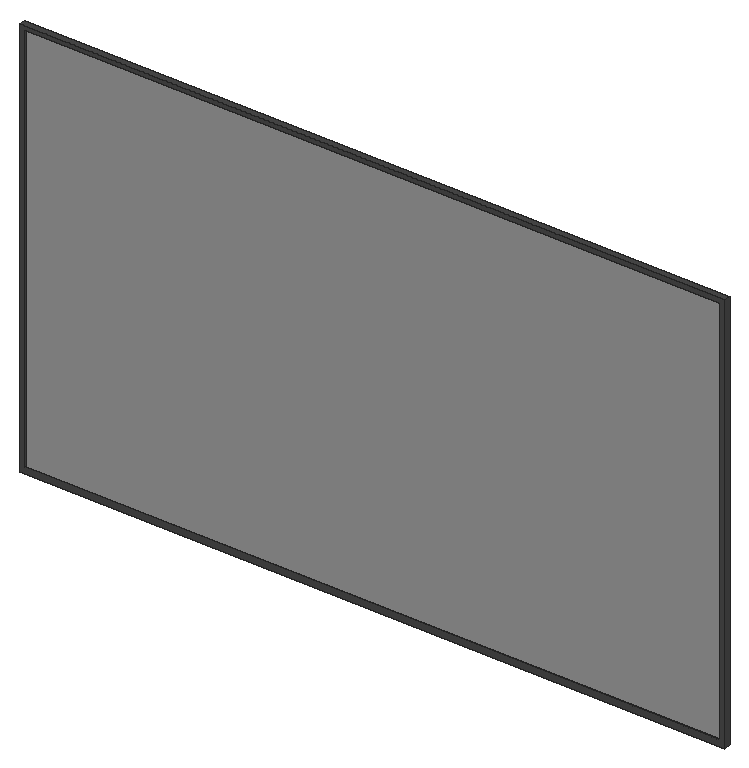
Revit family "Electronics_Visual-TVs_ViewSonic_ViewSonicR-CDE6520-7520-8620-commercial-display", category Electrical Equipment, Revit 2017
Family settings
  Panel Configuration = Two Columns, Circuits Across
  Round Connector Dimension = Use Diameter
  Part Type = Panelboard
  OmniClass Number = 23.85.10.14.24.17
  OmniClass Title = Plasma Video Monitors
  Work Plane-Based = No
  Always vertical = Yes
  Cut with Voids When Loaded = No
  Shared = No
  Room Calculation Point = No
Parameters (values of type "CDE 6520")
  Viewing Angles = "H = 178, V = 178 typ."
  Viewable Area (In.) = "65\""
  URL = "https://www.viewsonic.com"
  Type/ Tech = "TFT LCD Module. IPS type, DLED backlight"
  Surface Treatment = "Anti-glare, 3H hardness, Haze 25%"
  Screen Material = Screen - ViewSonic - CDE6520
  Response Time = "8 ms"
  Resolution = "3840x2160; 16:9"
  Product data url = "https://www.bimobject.com/viewsonic/product/viewsonic_cde6520"
  Product Guid = "cf630bab-5e48-463c-9237-2bb45ea75d06"
  Panel Size = "65\""
  Orientation = "Landscape"
  Native Resolution = "3840 x 2160"
  Model = "viewsonic_cde6520"
  Manufacturer = "ViewSonic"
  Light Source = "DLED"
  Keynote = "11130"
  Hardness = "3H"
  Edition number = 1
  Display Size = "65\""
  Display Area (mm) = "1428.48(H) × 803.52(V) (65\" diagonal)"
  Description = "The ViewSonic® CDE6520 is a 65” premium 4K commercial display. With features including a razor-sharp resolution of 3840 x 2160, 450-nit high brightness, 178-degree ultra- wide viewing angles, 2 x 12W speakers, and wireless screen sharing, the display is designed with the meeting room scenario in mind. The built-in screen sharing software*, ViewBoard® Cast and Stream, as well as ViewBoard® Cast USB-C sender enable multiple users, whether on-site or on-line, to participate in conferences and share content with each other simultaneously, transforming the CDE6520 into a dynamic content hub. This reliable commercial display is equipped with a quad-core processor and 16GB internal memory, allowing constant multimedia play from internal storage or a USB flash drive. Supporting remote configuration and content management system, the ViewSonic® CDE6520 is also suitable for diverse signage applications. *Chrome, Android, Windows, Mac OS, and iOS complaint"
  Covering Color = Plastic - ViewSonic - Black
  Cover Material = Plastic - ViewSonic - Black
  Contrast Ratio = "1200:1 Typ."
  Colors = "1.07G colors"
  CDE8620 = no
  CDE7520 = no
  CDE6520 = yes
  Brightness = "450 nits (typ.)"
  Bezel = "Slim"
  Backlight Life = "30,000 Hours (min)"
  Backlight = "WLED"
  Assembly Code = "D5030500"
  Aspect Ratio = "16:9"
Types (4, lengths in mm): name | Viewable Area (In.) | Screen Material | Resolution | Product data url | Product Guid | Panel Size | Model | Display Size | Display Area (mm) | Description | CDE8620 | CDE7520 | CDE6520
  (no name) | "65\"" | Screen - ViewSonic - CDE6520 | "3840x2160; 16:9" | "https://www.bimobject.com/viewsonic/product/viewsonic_cde6520" | "cf630bab-5e48-463c-9237-2bb45ea75d06" | "65\"" | "viewsonic_cde6520" | "65\"" | "1428.48(H) × 803.52(V) (65\" diagonal)" | "The ViewSonic® CDE6520 is a 65” premium 4K commercial display. With features including a razor-sharp resolution of 3840 x 2160, 450-nit high brightness, 178-degree ultra- wide viewing angles, 2 x 12W speakers, and wireless screen sharing, the display is designed with the meeting room scenario in mind. The built-in screen sharing software*, ViewBoard® Cast and Stream, as well as ViewBoard® Cast USB-C sender enable multiple users, whether on-site or on-line, to participate in conferences and share content with each other simultaneously, transforming the CDE6520 into a dynamic content hub. This reliable commercial display is equipped with a quad-core processor and 16GB internal memory, allowing constant multimedia play from internal storage or a USB flash drive. Supporting remote configuration and content management system, the ViewSonic® CDE6520 is also suitable for diverse signage applications. *Chrome, Android, Windows, Mac OS, and iOS complaint" | no | no | yes
  CDE 6520 | "65\"" | Screen - ViewSonic - CDE6520 | "3840x2160; 16:9" | "https://www.bimobject.com/viewsonic/product/viewsonic_cde6520" | "cf630bab-5e48-463c-9237-2bb45ea75d06" | "65\"" | "viewsonic_cde6520" | "65\"" | "1428.48(H) × 803.52(V) (65\" diagonal)" | "The ViewSonic® CDE6520 is a 65” premium 4K commercial display. With features including a razor-sharp resolution of 3840 x 2160, 450-nit high brightness, 178-degree ultra- wide viewing angles, 2 x 12W speakers, and wireless screen sharing, the display is designed with the meeting room scenario in mind. The built-in screen sharing software*, ViewBoard® Cast and Stream, as well as ViewBoard® Cast USB-C sender enable multiple users, whether on-site or on-line, to participate in conferences and share content with each other simultaneously, transforming the CDE6520 into a dynamic content hub. This reliable commercial display is equipped with a quad-core processor and 16GB internal memory, allowing constant multimedia play from internal storage or a USB flash drive. Supporting remote configuration and content management system, the ViewSonic® CDE6520 is also suitable for diverse signage applications. *Chrome, Android, Windows, Mac OS, and iOS complaint" | no | no | yes
  CDE 7520 | "75\"" | Screen - ViewSonic - CDE7520 | "3840 x 2160; 16:9" | "https://www.bimobject.com/viewsonic/product/viewsonic_cde7520" | "9c57ebf9-71ef-4f29-a4d3-039314f2a187" | "75\"" | "viewsonic_cde7520" | "75\"" | "1649.664(H) × 927.936(V) (75\" diagonal)" | "The ViewSonic® CDE7520 is a 75” premium 4K commercial display. With features including a razor-sharp resolution of 3840 x 2160, 450-nit high brightness, 178-degree ultra- wide viewing angles, 2 x 12W speakers, and wireless screen sharing, the display is designed with the meeting room scenario in mind. The built-in screen sharing software*, ViewBoard® Cast and Stream, as well as ViewBoard® Cast USB-C sender enable multiple users, whether on-site or on-line, to participate in conferences and share content with each other simultaneously, transforming the CDE7520 into a dynamic content hub. This reliable commercial display is equipped with a quad-core processor and 16GB internal memory, allowing constant multimedia play from internal storage or a USB flash drive. Supporting remote configuration and content management system, the ViewSonic® CDE7520 is also suitable for diverse signage applications. *Chrome, Android, Windows, Mac OS, and iOS complaint" | no | yes | no
  CDE 8620 | "86\"" | Screen - ViewSonic - CDE8620 | "3840 x 2160; 16:9" | "https://www.bimobject.com/viewsonic/product/viewsonic_cde8620" | "c44e1a28-d053-46cf-849a-4aad2d66661b" | "86\"" | "viewsonic_cde8620" | "86\"" | "1895.040 (H) × 1065.960 (V) (86\" diagonal)" | "The ViewSonic® CDE8620 is a 86” premium 4K commercial display. With features including a razor-sharp resolution of 3840 x 2160, 450-nit high brightness, 178-degree ultra- wide viewing angles, 2 x 12W speakers, and wireless screen sharing, the display is designed with the meeting room scenario in mind. The built-in screen sharing software*, ViewBoard® Cast and Stream, as well as ViewBoard® Cast USB-C sender enable multiple users, whether on-site or on-line, to participate in conferences and share content with each other simultaneously, transforming the CDE8620 into a dynamic content hub. This reliable commercial display is equipped with a quad-core processor and 16GB internal memory, allowing constant multimedia play from internal storage or a USB flash drive. Supporting remote configuration and content management system, the ViewSonic® CDE8620 is also suitable for diverse signage applications. *Chrome, Android, Windows, Mac OS, and iOS complaint" | yes | no | no
Reference planes
  plane 1: y = 0
  plane 2: z = 0
  plane 3 "Center (Left/Right)": x = 0
  plane 4: z = 0.901
  plane 5 "Center (Front/Back)": y = 71.704
Forms (mm)
  Extrusion 1, solid, material "Plastic - ViewSonic - Black" <- "Cover Material", visible <- "CDE6520"
    sketch origin (-304.224, 0, 0.198) x (1, 0, 0) y (0, 0, 1)
      loop
        line (1020.224, 819.102) -> (-411.776, 819.102) -> (-411.776, 12.602) -> (1020.224, 12.602) -> (1020.224, 819.102)
      loop
        line (1029.524, 827.902) -> (-421.076, 827.902) -> (-421.076, -0.198) -> (1029.524, -0.198) -> (1029.524, 827.902)
    from -13.3 to 0
  Extrusion 2, solid, material "Screen - ViewSonic - CDE6520" <- "Screen Material", visible <- "CDE6520"
    sketch origin (75.776, 0, 0.198) x (1, 0, 0) y (0, 0, 1)
      loop
        line (640.224, 819.102) -> (-791.776, 819.102) -> (-791.776, 12.602) -> (640.224, 12.602) -> (640.224, 819.102)
    from -2.673 to -4
  Blend 3, solid, material "Plastic - ViewSonic - Black" <- "Cover Material", visible <- "CDE6520", detail levels medium+fine
    base sketch origin (-64.224, 0, 0.198) x (1, 0, 0) y (0, 0, 1)
      loop
        line (-651.776, 819.102) -> (-651.776, 0.702) -> (780.224, 0.702) -> (780.224, 819.102) -> (-651.776, 819.102)
    top sketch origin (-64.224, 0, 0.198) x (1, 0, 0) y (0, 0, 1)
      loop
        line (-577.976, 712.802) -> (-577.976, 0.702) -> (706.424, 0.702) -> (706.424, 712.802)
        arc (706.424, 712.802) -> (697.052, 735.429) -> (674.424, 744.802) r 32
        line (674.424, 744.802) -> (-545.976, 744.802)
        arc (-545.976, 744.802) -> (-568.603, 735.429) -> (-577.976, 712.802) r 32
    from -16.531 to -36.3
  Extrusion 4, solid, material "Plastic - ViewSonic - Black" <- "Cover Material", visible <- "CDE6520", detail levels medium
    sketch origin (0, 0, 0) x (0, 1, 0) y (0, 0, 1)
      loop
        line (71.704, 295.315) -> (36.3, 304.801) -> (36.3, 0.901) -> (71.704, 0.901) -> (71.704, 295.315)
    from -633.816 to 637.584
  Extrusion 5, solid, material "Plastic - ViewSonic - Black" <- "Cover Material", visible <- "CDE6520", detail levels medium+fine
    sketch origin (0, 0, 0) x (1, 0, 0) y (0, 0, 1)
      loop
        line (-716, 819.3) -> (-716, 0.9) -> (716, 0.9) -> (716, 819.3) -> (-716, 819.3)
    from -13.3 to -16.531
  Extrusion 6, solid, material "Plastic - ViewSonic - Black" <- "Cover Material", visible <- "CDE6520", detail levels fine
    sketch origin (0, 0, 0) x (0, 1, 0) y (0, 0, 1)
      loop
        line (71.704, 295.315) -> (36.3, 304.801) -> (36.3, 0.901) -> (71.704, 0.901) -> (71.704, 295.315)
    from -633.816 to 637.584
  Extrusion 7, void
    sketch origin (0, 0, 0) x (1, 0, 0) y (0, 0, 1)
      loop
        line (-103.569, 71.421) -> (-420.969, 71.421) -> (-420.969, 0.901) -> (-103.569, 0.901) -> (-103.569, 71.421)
    from -123.316 to -47.4
  Extrusion 8, void
    sketch origin (0, 0, 0) x (1, 0, 0) y (0, 0, 1)
      loop
        line (105.089, 68.833) -> (105.089, 0.901) -> (220.089, 0.901) -> (220.089, 68.833) -> (105.089, 68.833)
    from -123.316 to -37.1
  Extrusion 9, solid, material "Plastic - ViewSonic - Black" <- "Cover Material", visible <- "CDE6520", detail levels fine
    sketch origin (0, 0, 0) x (1, 0, 0) y (0, 0, 1)
      loop
        line (-504.91, 256.401) -> (-631.91, 256.401) -> (-631.91, 55.401) -> (-504.91, 55.401) -> (-504.91, 256.401)
    from -71.704 to -78.504
  Extrusion 10, solid, material "Plastic - ViewSonic - Black" <- "Cover Material", visible <- "CDE6520", detail levels coarse
    sketch origin (16, 0, 0) x (1, 0, 0) y (0, 0, 1)
      loop
        line (-732, 819.3) -> (-732, 0.9) -> (700, 0.9) -> (700, 819.3) -> (-732, 819.3)
    from -13.3 to -71.704
  Extrusion 11, solid, not visible
    sketch origin (25, 0, 0) x (1, 0, 0) y (0, 0, 1)
      loop
        circle (-308.374, 97.699) r 10
    from -74 to -71.704
  Extrusion 12, solid, not visible
    sketch origin (65, 0, 0) x (1, 0, 0) y (0, 0, 1)
      loop
        circle (-308.374, 97.699) r 10
    from -74 to -71.704
Cuts and joins
  Extrusion 7, Extrusion 8 cuts Extrusion 6
Lines and regions (mm)
  Masking region 1, visible <- "CDE6520", detail levels coarse
    outline origin (0, 0, 0) x (1, 0, 0) y (0, 1, 0)
      loop
        line (-716, 13.3) -> (-725.3, 13.3) -> (-725.3, 0) -> (725.3, 0) -> (725.3, 13.3) -> (716, 13.3) -> (716, 71.704) -> (-716, 71.704) -> (-716, 13.3)
  Masking region 2, visible <- "CDE6520", detail levels medium+fine
    outline origin (0, 0, 0) x (1, 0, 0) y (0, 1, 0)
      loop
        line (-631.91, 36.3) -> (-642.2, 36.3) -> (-716, 16.531) -> (-716, 13.3) -> (-725.3, 13.3) -> (-725.3, 0) -> (725.3, 0) -> (725.3, 13.3) -> (716, 13.3) -> (716, 16.531) -> (642.2, 36.3) -> (637.584, 36.3) -> (637.584, 71.704) -> (-504.91, 71.704) -> (-504.91, 78.504) -> (-631.91, 78.504) -> (-631.91, 36.3)
  symbolic lines, visible <- "CDE6520", detail levels medium+fine
    curve 1: line (-631.91, 36.3, 0) -> (637.584, 36.3, 0)
    curve 2: line (716, 13.3, 0) -> (-716, 13.3, 0)
    curve 3: line (-504.91, 71.704, 0) -> (-631.91, 71.704, 0)
Dimensions and locks
  aligned and locked: level to plane 2
Nested families
  nested 1: "Electronics_Visual-TVs_ViewSonic_ViewSonicR-CDE7520-commercial-display" at (0, 0, 0), visible <- "CDE7520", type "CDE7520"
  nested 2: "Electronics_Visual-TVs_ViewSonic_ViewSonicR-CDE8620-commercial-display" at (0, 0, 0), visible <- "CDE8620", type "CDE8620"
Connectors
  electrical at (-283.374, 74, 97.699)
    settings: on Extrusion 11, index 1, voltage 240 V, apparent load 0 VA, apparent load phase1 0 VA, apparent load phase2 0 VA, apparent load phase3 0 VA, power factor 1, load classification "Other", number of poles 1, system type 30, power factor state 1, is connector primary yes, connector utility no, sub classification motor no, connector description "Electrical Connector"
  electrical at (-243.374, 74, 97.699)
    settings: on Extrusion 12, index 2, voltage 0 V, apparent load 0 VA, apparent load phase1 0 VA, apparent load phase2 0 VA, apparent load phase3 0 VA, power factor 1, load classification "Other", number of poles 1, system type 5, power factor state 1, is connector primary no, connector utility no, sub classification motor no, connector description "Data Connector"
Definition of nested family "Electronics_Visual-TVs_ViewSonic_ViewSonicR-CDE7520-commercial-display"
  Parameters (values of type "CDE 7520")
    Viewing Angles = "H = 178, V = 178 typ."
    URL = "https://www.viewsonic.com"
    Type/ Tech = "TFT LCD Module. IPS type, DLED backlight"
    Surface Treatment = "Anti-glare, 3H hardness, Haze 25%"
    Screen Material = none
    Response Time = "8 ms"
    Product data url = "https://www.bimobject.com/viewsonic/product/viewsonic_cde7520"
    Product Guid = "9c57ebf9-71ef-4f29-a4d3-039314f2a187"
    Panel Size = "75\""
    Orientation = "Landscape"
    Native Resolution = "3840 x 2160"
    Model = "viewsonic_cde7520"
    Manufacturer = "ViewSonic"
    Keynote = "11130"
    Edition number = 1
    Display Area (mm) = "1649.664(H) × 927.936(V) (75\" diagonal)"
    Description = "The ViewSonic® CDE7520 is a 75” premium 4K commercial display. With features including a razor-sharp resolution of 3840 x 2160, 450-nit high brightness, 178-degree ultra- wide viewing angles, 2 x 12W speakers, and wireless screen sharing, the display is designed with the meeting room scenario in mind. The built-in screen sharing software*, ViewBoard® Cast and Stream, as well as ViewBoard® Cast USB-C sender enable multiple users, whether on-site or on-line, to participate in conferences and share content with each other simultaneously, transforming the CDE7520 into a dynamic content hub. This reliable commercial display is equipped with a quad-core processor and 16GB internal memory, allowing constant multimedia play from internal storage or a USB flash drive. Supporting remote configuration and content management system, the ViewSonic® CDE7520 is also suitable for diverse signage applications. *Chrome, Android, Windows, Mac OS, and iOS complaint"
    Cover Material = none
    Contrast Ratio = "1200:1 Typ."
    Colors = "1.07G colors"
    Brightness = "450 nits (typ.)"
    Bezel = "Slim"
    Backlight Life = "30,000 Hours (min)"
    Assembly Code = "D5030500"
    Aspect Ratio = "16:9"
  Reference planes
    plane 1: y = 0
    plane 2: z = 0
    plane 3 "Center (Left/Right)": x = 0
    plane 4 "Center (Front/Back)": y = 70.09
  Forms (mm)
    Extrusion 1, solid, material <- "Cover Material"
      sketch origin (-330.974, 0, 0.198) x (1, 0, 0) y (0, 0, 1)
        loop
          line (1158.055, 945.692) -> (-496.105, 945.692) -> (-496.105, 13.092) -> (1158.055, 13.092) -> (1158.055, 945.692)
        loop
          line (1167.055, 954.692) -> (-505.105, 954.692) -> (-505.105, -0.198) -> (1167.055, -0.198) -> (1167.055, 954.692)
      from -12.397 to 0
    Extrusion 2, solid, material <- "Screen Material"
      sketch origin (75.776, 0, 0.198) x (1, 0, 0) y (0, 0, 1)
        loop
          line (751.305, 945.692) -> (-902.855, 945.692) -> (-902.855, 12.602) -> (751.304, 12.602) -> (751.305, 945.692)
      from -2.673 to -4
    Blend 3, solid, material <- "Cover Material", detail levels medium+fine
      base sketch origin (-90.976, 0, 0.198) x (1, 0, 0) y (0, 0, 1)
        loop
          line (-736.805, 945.692) -> (-736.805, 0.702) -> (918.055, 0.702) -> (918.055, 945.692) -> (-736.805, 945.692)
      top sketch origin (-90.976, 0, 0.198) x (1, 0, 0) y (0, 0, 1)
        loop
          line (836.727, 894.36) -> (-654.774, 894.36)
          arc (-654.774, 894.36) -> (-675.989, 885.573) -> (-684.775, 864.36) r 30
          line (-684.775, 864.36) -> (-684.775, 0.702) -> (866.727, 0.702) -> (866.727, 864.36)
          arc (866.727, 864.36) -> (857.94, 885.573) -> (836.727, 894.36) r 30
      from -15.397 to -33.69
    Extrusion 4, solid, material <- "Cover Material", detail levels medium
      sketch origin (0, 0, 0) x (0, 1, 0) y (0, 0, 1)
        loop
          line (70.09, 369.771) -> (33.69, 379.525) -> (33.69, 1.843) -> (70.09, 1.843) -> (70.09, 369.771)
      from -666.706 to 666.707
    Extrusion 5, solid, material <- "Cover Material", detail levels medium+fine
      sketch origin (-26.75, 0, 0) x (1, 0, 0) y (0, 0, 1)
        loop
          line (-801.029, 945.89) -> (-801.029, 0.9) -> (853.831, 0.9) -> (853.831, 945.89) -> (-801.029, 945.89)
      from -12.397 to -15.397
    Extrusion 6, solid, material <- "Cover Material", detail levels fine
      sketch origin (0, 0, 0) x (0, 1, 0) y (0, 0, 1)
        loop
          line (70.09, 369.771) -> (33.69, 379.525) -> (33.69, 1.843) -> (70.09, 1.843) -> (70.09, 369.771)
      from -666.706 to 666.707
    Extrusion 7, void
      sketch origin (-27.75, 0, 0) x (1, 0, 0) y (0, 0, 1)
        loop
          line (-108.627, 141.155) -> (-426.027, 141.155) -> (-426.027, 72.155) -> (-281.765, 72.155) -> (-281.765, 0.901) -> (-108.627, 0.901) -> (-108.627, 141.155)
      from -123.316 to -47.4
    Extrusion 8, void
      sketch origin (-27.75, 0, 0) x (1, 0, 0) y (0, 0, 1)
        loop
          line (133.751, 72.872) -> (133.751, 1.843) -> (231.751, 1.843) -> (231.751, 72.872) -> (133.751, 72.872)
      from -123.316 to -37.1
    Extrusion 9, solid, material <- "Cover Material", detail levels fine
      sketch origin (0, 0, 0) x (1, 0, 0) y (0, 0, 1)
        loop
          line (-537.806, 327.057) -> (-664.806, 327.057) -> (-664.806, 126.057) -> (-537.806, 126.057) -> (-537.806, 327.057)
      from -70.09 to -76.89
    Extrusion 10, solid, material <- "Cover Material", detail levels fine
      sketch origin (0, 0, 0) x (1, 0, 0) y (0, 0, 1)
        loop
          line (-663.283, 404.865) -> (663.283, 404.865)
          arc (663.283, 404.865) -> (684.496, 396.078) -> (693.283, 374.865) r 30
          line (693.283, 374.865) -> (693.283, 80.939) -> (742.205, 80.939) -> (742.205, 650.233) -> (-742.205, 650.233) -> (-742.205, 80.939) -> (-693.283, 80.939) -> (-693.283, 374.865)
          arc (-693.283, 374.865) -> (-684.496, 396.078) -> (-663.283, 404.865) r 30
        loop
          line (-663.283, 380.865) -> (663.504, 380.865)
          arc (663.504, 380.865) -> (667.714, 379.121) -> (669.458, 374.912) r 5.953
          line (669.458, 374.912) -> (669.458, 56.939) -> (764.338, 56.939) -> (764.338, 645.233)
          arc (764.338, 645.233) -> (755.551, 666.446) -> (734.338, 675.233) r 30
          line (734.338, 675.233) -> (-734.338, 675.233)
          arc (-734.338, 675.233) -> (-755.551, 666.446) -> (-764.338, 645.233) r 30
          line (-764.338, 645.233) -> (-764.338, 56.939) -> (-669.283, 56.939) -> (-669.283, 374.865)
          arc (-669.283, 374.865) -> (-667.526, 379.107) -> (-663.283, 380.865) r 6
      from -37.69 to -32.89
    Extrusion 11, solid, material <- "Cover Material", detail levels fine
      sketch origin (0, 0, 0) x (1, 0, 0) y (0, 1, 0)
        loop
          line (834.159, 12.397) -> (834.159, 33.579) -> (805.759, 33.579) -> (692.946, 70.09) -> (666.707, 70.09) -> (666.707, 12.397) -> (834.159, 12.397)
      from 1.843 to 53.843
    Extrusion 12, solid, material <- "Cover Material", detail levels fine
      sketch origin (0, 0, 0) x (-1, 0, 0) y (0, -1, 0)
        loop
          line (834.159, -12.397) -> (666.706, -12.397) -> (666.706, -70.09) -> (692.946, -70.09) -> (805.759, -33.579) -> (834.159, -33.579) -> (834.159, -12.397)
      from 1.843 to 53.843
    Extrusion 13, solid, material <- "Cover Material", detail levels fine
      sketch origin (-185, 0, 0) x (1, 0, 0) y (0, 0, 1)
        loop
          line (839.794, 512.606) -> (839.784, 383.045) -> (869.476, 383.045) -> (869.476, 513.214)
          arc (869.476, 513.214) -> (860.689, 534.428) -> (839.476, 543.214) r 30
          line (839.476, 543.214) -> (-469.476, 543.214)
          arc (-469.476, 543.214) -> (-490.689, 534.428) -> (-499.476, 513.214) r 30
          line (-499.476, 513.214) -> (-499.476, 383.045) -> (-469.784, 383.045) -> (-469.794, 512.606) -> (839.794, 512.606)
      from -36.69 to -32.89
    Extrusion 14, solid, material <- "Cover Material", detail levels coarse
      sketch origin (333.25, 0, 0) x (1, 0, 0) y (0, 0, 1)
        loop
          line (-1161.029, 945.89) -> (-1161.029, 0.9) -> (493.831, 0.9) -> (493.831, 945.89) -> (-1161.029, 945.89)
      from -12.397 to -70.09
    Extrusion 15, solid, not visible
      sketch origin (-52.968, 0, -13.116) x (1, 0, 0) y (0, 0, 1)
        loop
          circle (-242.348, 180.106) r 10
      from -73 to -70.09
    Extrusion 16, solid, not visible
      sketch origin (-12.968, 0, -13.116) x (1, 0, 0) y (0, 0, 1)
        loop
          circle (-242.348, 180.106) r 10
      from -73 to -70.09
  Cuts and joins
    Extrusion 7, Extrusion 8 cuts Extrusion 6
    joined: Extrusion 10, Extrusion 13
  Lines and regions (mm)
    Masking region 1, detail levels coarse
      outline origin (0, 0, 0) x (1, 0, 0) y (0, 1, 0)
        loop
          line (827.08, 70.09) -> (-827.779, 70.09) -> (-827.779, 12.397) -> (-836.079, 12.397) -> (-836.079, 0) -> (836.08, 0) -> (836.08, 12.388) -> (827.08, 12.388) -> (827.08, 70.09)
    Masking region 2, detail levels medium+fine
      outline origin (0, 0, 0) x (1, 0, 0) y (0, 1, 0)
        loop
          line (692.946, 70.09) -> (-692.946, 70.09) -> (-805.759, 33.579) -> (-834.159, 33.579) -> (-834.159, 12.397) -> (-836.079, 12.397) -> (-836.079, 0) -> (836.08, 0) -> (836.08, 12.397) -> (834.159, 12.397) -> (834.159, 33.579) -> (805.759, 33.579) -> (692.946, 70.09)
    symbolic lines, detail levels medium+fine
      curve 1: line (-834.159, 12.397, 0) -> (834.159, 12.397, 0)
  Dimensions and locks
    aligned and locked: level to plane 2
Definition of nested family "Electronics_Visual-TVs_ViewSonic_ViewSonicR-CDE8620-commercial-display"
  Parameters (values of type "CDE 8620")
    Viewing Angles = "H = 178, V = 178 typ."
    URL = "https://www.viewsonic.com"
    Type/ Tech = "TFT LCD Module. IPS type, DLED backlight"
    Surface Treatment = "Anti-glare, 3H hardness, Haze 28%"
    Screen Material = none
    Response Time = "8 ms"
    Product data url = "https://www.bimobject.com/viewsonic/product/viewsonic_cde8620"
    Product Guid = "c44e1a28-d053-46cf-849a-4aad2d66661b"
    Panel Size = "86\""
    Orientation = "Landscape"
    Native Resolution = "3840 x 2160"
    Model = "viewsonic_cde8620"
    Manufacturer = "ViewSonic"
    Keynote = "11130"
    Edition number = 1
    Display Area (mm) = "1895.040 (H) × 1065.960 (V) (86\" diagonal)"
    Description = "The ViewSonic® CDE8620 is a 86” premium 4K commercial display. With features including a razor-sharp resolution of 3840 x 2160, 450-nit high brightness, 178-degree ultra- wide viewing angles, 2 x 12W speakers, and wireless screen sharing, the display is designed with the meeting room scenario in mind. The built-in screen sharing software*, ViewBoard® Cast and Stream, as well as ViewBoard® Cast USB-C sender enable multiple users, whether on-site or on-line, to participate in conferences and share content with each other simultaneously, transforming the CDE8620 into a dynamic content hub. This reliable commercial display is equipped with a quad-core processor and 16GB internal memory, allowing constant multimedia play from internal storage or a USB flash drive. Supporting remote configuration and content management system, the ViewSonic® CDE8620 is also suitable for diverse signage applications. *Chrome, Android, Windows, Mac OS, and iOS complaint"
    Cover Material = none
    Contrast Ratio = "1200:1 Typ."
    Colors = "1.07G colors"
    Brightness = "450 nits (typ.)"
    Bezel = "Slim"
    Backlight Life = "30,000 Hours (min)"
    Assembly Code = "D5030500"
    Aspect Ratio = "16:9"
  Reference planes
    plane 1: y = 0
    plane 2: z = 0
    plane 3 "Center (Left/Right)": x = 0
    plane 4 "Center (Front/Back)": y = 81.2
  Forms (mm)
    Extrusion 1, solid, material <- "Cover Material"
      sketch origin (-330.974, 0, 0.198) x (1, 0, 0) y (0, 0, 1)
        loop
          line (1282.494, 1095.162) -> (-620.546, 1095.162) -> (-620.546, 23.202) -> (1282.494, 23.202) -> (1282.494, 1095.162)
        loop
          line (1296.394, 1109.062) -> (-634.446, 1109.062) -> (-634.446, -0.198) -> (1296.394, -0.198) -> (1296.394, 1109.062)
      from -15.4 to 0
    Extrusion 2, solid, material <- "Screen Material"
      sketch origin (75.776, 0, 0.198) x (1, 0, 0) y (0, 0, 1)
        loop
          line (875.744, 1095.162) -> (-1027.296, 1095.162) -> (-1027.296, 23.202) -> (875.744, 23.202) -> (875.744, 1095.162)
      from -2.673 to -4
    Blend 3, solid, material <- "Cover Material", detail levels medium+fine
      base sketch origin (-90.976, 0, 0.198) x (1, 0, 0) y (0, 0, 1)
        loop
          line (-860.544, 1095.162) -> (-860.544, 543.982) -> (1042.496, 543.982) -> (1042.496, 1095.162) -> (-860.544, 1095.162)
      top sketch origin (-90.976, 0, 0.198) x (1, 0, 0) y (0, 0, 1)
        loop
          line (989.361, 1061.899) -> (-807.41, 1061.899) -> (-807.409, 543.982) -> (989.361, 543.982) -> (989.361, 1061.899)
      from -16.9 to -36.9
    Extrusion 4, solid, material <- "Cover Material", detail levels medium
      sketch origin (0, 0, 0) x (0, 1, 0) y (0, 0, 1)
        loop
          line (72.8, 540.104) -> (16.9, 547.961) -> (16.9, 2.88) -> (72.8, 2.88) -> (72.8, 540.104)
      from -892.8 to 892.8
    Extrusion 5, solid, material <- "Cover Material", detail levels medium+fine
      sketch origin (-26.75, 0, 0) x (1, 0, 0) y (0, 0, 1)
        loop
          line (-924.77, 1095.36) -> (-924.77, 2.88) -> (978.27, 2.88) -> (978.27, 1095.36) -> (-924.77, 1095.36)
      from -15.4 to -16.9
    Extrusion 6, solid, material <- "Cover Material", detail levels fine
      sketch origin (0, 0, 0) x (0, 1, 0) y (0, 0, 1)
        loop
          line (72.8, 540.104) -> (16.9, 547.961) -> (16.9, 2.88) -> (72.8, 2.88) -> (72.8, 540.104)
      from -892.8 to 892.8
    Extrusion 7, void
      sketch origin (-27.75, 0, 0) x (1, 0, 0) y (0, 0, 1)
        loop
          line (-330.75, 121.08) -> (-656.05, 121.08) -> (-656.05, 0.901) -> (-330.75, 0.901) -> (-330.75, 121.08)
      from -123.316 to -47.4
    Extrusion 8, void
      sketch origin (-401.551, 0, 0) x (1, 0, 0) y (0, 0, 1)
        loop
          line (133.751, 104.88) -> (133.751, 1.843) -> (273.351, 1.843) -> (273.351, 104.88) -> (133.751, 104.88)
      from -123.316 to -37.1
    Extrusion 9, solid, material <- "Cover Material", detail levels fine
      sketch origin (0, 0, 0) x (1, 0, 0) y (0, 0, 1)
        loop
          line (-683.8, 308.68) -> (-891.3, 308.68) -> (-891.3, 2.88) -> (-683.8, 2.88) -> (-683.8, 308.68)
        loop
          line (836.5, 64.48) -> (583.5, 64.48) -> (583.5, 3.68) -> (836.5, 3.68) -> (836.5, 64.48)
      from -72.8 to -81.2
    Extrusion 10, solid, material <- "Cover Material", detail levels medium+fine
      sketch origin (0, 0, 0) x (1, 0, 0) y (0, 1, 0)
        loop
          line (953.8, 15.4) -> (953.8, 41.7) -> (892.8, 41.7) -> (892.8, 15.4) -> (953.8, 15.4)
      from 2.88 to 544.18
    Extrusion 11, solid, material <- "Cover Material", detail levels fine
      sketch origin (0, 0, 0) x (-1, 0, 0) y (0, -1, 0)
        loop
          line (953.8, -41.7) -> (891.3, -41.7) -> (891.3, -81.2) -> (918.6, -81.2) -> (953.8, -46) -> (953.8, -41.7)
      from 2.88 to 73.38
    Extrusion 12, solid, material <- "Cover Material", detail levels fine
      sketch origin (-185, 0, 0) x (1, 0, 0) y (0, 0, 1)
        loop
          line (680.314, 691.766) -> (680.314, 544.18) -> (732.314, 544.18) -> (732.314, 715.766)
          arc (732.314, 715.766) -> (722.942, 738.393) -> (700.314, 747.766) r 32
          line (700.314, 747.766) -> (-330.314, 747.766)
          arc (-330.314, 747.766) -> (-352.942, 738.393) -> (-362.314, 715.766) r 32
          line (-362.314, 715.766) -> (-362.314, 544.18) -> (-310.314, 544.18) -> (-310.314, 691.766) -> (680.314, 691.766)
      from -36.9 to -44.9
    Extrusion 13, solid, material <- "Cover Material", detail levels medium+fine
      sketch origin (0, 0, 0) x (-1, 0, 0) y (0, -1, 0)
        loop
          line (953.8, -15.4) -> (892.8, -15.4) -> (892.8, -41.7) -> (953.8, -41.7) -> (953.8, -15.4)
      from 2.88 to 544.18
    Extrusion 14, solid, material <- "Cover Material", detail levels fine
      sketch origin (0, 0, 0) x (1, 0, 0) y (0, 0, 1)
        loop
          line (-129.7, 146.48) -> (-266.3, 146.48) -> (-266.3, 104.88) -> (-129.7, 104.88) -> (-129.7, 146.48)
      from -72.8 to -79
    Extrusion 15, solid, material <- "Cover Material", detail levels coarse
      sketch origin (-26.75, 7.914, 0) x (1, 0, 0) y (0, 0, 1)
        loop
          line (-927.05, 1095.36) -> (-927.05, 2.88) -> (980.55, 2.88) -> (980.55, 1095.36) -> (-927.05, 1095.36)
      from -7.486 to -73.286
    Extrusion 16, solid, not visible
      sketch origin (-15.94, 0, -24.825) x (1, 0, 0) y (0, 0, 1)
        loop
          circle (-526.374, 174.132) r 10
      from -75 to -72.8
    Extrusion 17, solid, not visible
      sketch origin (29.06, 0, -24.825) x (1, 0, 0) y (0, 0, 1)
        loop
          circle (-526.374, 174.132) r 10
      from -75 to -72.8
  Cuts and joins
    Extrusion 7, Extrusion 8 cuts Extrusion 6
  Lines and regions (mm)
    Masking region 1, detail levels coarse
      outline origin (0, 0, 0) x (1, 0, 0) y (0, 1, 0)
        loop
          line (-965.42, 15.4) -> (-965.42, 0) -> (965.42, 0) -> (965.42, 15.4) -> (953.8, 15.4) -> (953.8, 81.2) -> (-953.8, 81.2) -> (-953.8, 15.4) -> (-965.42, 15.4)
    Masking region 2, detail levels medium+fine
      outline origin (0, 0, 0) x (1, 0, 0) y (0, 1, 0)
        loop
          line (-965.42, 15.4) -> (-965.42, 0) -> (965.42, 0) -> (965.42, 15.4) -> (951.52, 15.4) -> (951.52, 16.9) -> (898.385, 36.9) -> (892.8, 36.9) -> (892.8, 81.2) -> (-891.3, 81.2) -> (-891.3, 36.9) -> (-898.385, 36.9) -> (-951.52, 16.9) -> (-951.52, 15.4) -> (-965.42, 15.4)
    symbolic lines, detail levels medium+fine
      curve 1: line (-951.52, 16.9, 0) -> (951.52, 16.9, 0)
      curve 2: line (892.8, 36.9, 0) -> (-892.8, 36.9, 0)
  Dimensions and locks
    aligned and locked: level to plane 2
